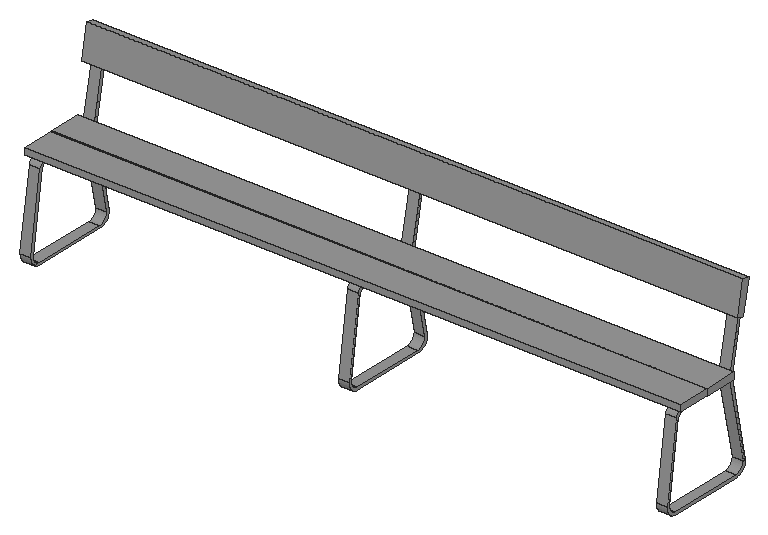
Revit family "Скамейка стальная «Колледж» Арт 9467", category Антураж, Revit 2018
Family settings
  На основе рабочей плоскости = Нет
  Всегда вертикально = Да
  При загрузке вырезать с полостями = Нет
  Источник визуального образа = Геометрия семейства
  Общий = Нет
  Точка расчета площади = Нет
Parameters (values of type "Версия 3,0 м (3 опоры)")
  Ширина = 445 mm  # constant formula
  Цвет опор = Сталь
  Цвет лавки = Дерево
  Средняя опора = not(or([Версия 1,2 м], [Версия 1,5 м], [Версия 1,8 м]))  # yes
  Описание = if([Версия 1,5 м], "Скамейка стальная «Колледж». Версия 1,5 м", if([Версия 1,8 м], "Скамейка стальная «Колледж». Версия 1,8 м", if([Версия 2,0 м (3 опоры)], "Скамейка стальная «Колледж». Версия 2,0 м (3 опоры)", if([Версия 2,5 м (3 опоры)], "Скамейка стальная «Колледж». Версия 2,5 м (3 опоры)", "Скамейка стальная «Колледж». Версия 3,0 м (3 опоры)"))))  # "Скамейка стальная «Колледж». Версия 3,0 м (3 опоры)"
  Материал изделия = "Сталь, дерево"  # constant formula
  Изображение типоразмера = Скамейка стальная «Колледж» Арт 9467.jpg
  Изготовитель = "ООО «Хоббика»"  # constant formula
  Длина = if([Версия 1,2 м], 1200 mm, if([Версия 1,5 м], 1500 mm, if([Версия 1,8 м], 1800 mm, if([Версия 2,0 м (3 опоры)], 2000 mm, if([Версия 2,5 м (3 опоры)], 2500 mm, 3000 mm)))))  # 3000 mm
  Группа модели = "Скамейки"  # constant formula
  Высота = 815 mm  # constant formula
  Версия 3,0 м (3 опоры) = not(or([Версия 1,2 м], [Версия 1,5 м], [Версия 1,8 м], [Версия 2,0 м (3 опоры)], [Версия 2,5 м (3 опоры)]))  # yes
  Версия 2,5 м (3 опоры) = no
  Версия 2,0 м (3 опоры) = no
  Версия 1,8 м = no
  Версия 1,5 м = no
  Версия 1,2 м = no
  Артикул товара = "Арт. 9467"  # constant formula
  URL = "https://hobbyka.ru/product/skameyka_ulichnaya_kolledzh/"
Types (7, lengths in mm): name | Средняя опора | Описание | Длина | Версия 3,0 м (3 опоры) | Версия 2,5 м (3 опоры) | Версия 2,0 м (3 опоры) | Версия 1,8 м | Версия 1,5 м | Версия 1,2 м
  (no name) | yes | "Скамейка стальная «Колледж». Версия 3,0 м (3 опоры)" | 3000 | yes | no | no | no | no | no
  Версия 1,2 м | no | "Скамейка стальная «Колледж». Версия 3,0 м (3 опоры)" | 1200 | no | no | no | no | no | yes
  Версия 1,5 м | no | "Скамейка стальная «Колледж». Версия 1,5 м" | 1500 | no | no | no | no | yes | no
  Версия 1,8 м | no | "Скамейка стальная «Колледж». Версия 1,8 м" | 1800 | no | no | no | yes | no | no
  Версия 2,0 м (3 опоры) | yes | "Скамейка стальная «Колледж». Версия 2,0 м (3 опоры)" | 2000 | no | no | yes | no | no | no
  Версия 2,5 м (3 опоры) | yes | "Скамейка стальная «Колледж». Версия 2,5 м (3 опоры)" | 2500 | no | yes | no | no | no | no
  Версия 3,0 м (3 опоры) | yes | "Скамейка стальная «Колледж». Версия 3,0 м (3 опоры)" | 3000 | yes | no | no | no | no | no
Reference planes
  plane 1 "По центру (Вперед/Назад)": y = 0
  plane 2: z = 0
  plane 3 "По центру (Влево/Вправо)": x = 0
  plane 4: x = 3000
  plane 5: x = 45
  plane 6: x = 2955
  plane 7: y = 445
  plane 8: z = 815
Forms (mm)
  Extrusion 1, solid, material "Дерево" <- "Цвет лавки"
    sketch origin (0, 0, 0) x (0, 1, 0) y (0, 0, 1)
      loop
        line (406.732, 662.038) -> (437.693, 808.808) -> (408.339, 815) -> (377.378, 668.23) -> (406.732, 662.038)
      loop
        line (356.73, 425) -> (356.73, 455) -> (206.73, 455) -> (206.73, 425) -> (356.73, 425)
      loop
        line (201.73, 425) -> (201.73, 455) -> (51.73, 455) -> (51.73, 425) -> (201.73, 425)
    from 0 to 3000
Dimensions and locks
  "Ширина": plane 7 to plane 1 "По центру (Вперед/Назад)"
  "Длина": plane 3 "По центру (Влево/Вправо)" to plane 4
  locked: plane 3 "По центру (Влево/Вправо)" to plane 5 at 45
  locked: plane 6 to plane 4 at 45
  equal spacing: plane 5, nested 2, plane 6
  "Высота": plane 8 to plane 2
  aligned and locked: level to plane 2
  aligned and locked: plane 5 to nested 1
  aligned and locked: plane 6 to nested 3
  aligned and locked: Extrusion 1 to plane 3 "По центру (Влево/Вправо)"
  aligned and locked: plane 4 to Extrusion 1
Automatic sketch dimensions
  Extrusion 1 sketch curve to plane 8 = 0 mm
  Extrusion 1 sketch curve to plane 1 "По центру (Вперед/Назад)" = 51.73 mm
  Extrusion 1 sketch curve to Extrusion 1 sketch curve = 150 mm
  Extrusion 1 sketch curve to Extrusion 1 sketch curve = 5 mm
  Extrusion 1 sketch curve to plane 7 = 88.27 mm
  Extrusion 1 sketch curve to plane 7 = 67.622 mm
  Extrusion 1 sketch curve to Extrusion 1 sketch curve = 29.354 mm
  Extrusion 1 sketch curve to plane 7 = 36.661 mm
  Extrusion 1 sketch curve to Extrusion 1 sketch curve = 6.192 mm
  Extrusion 1 sketch curve to Extrusion 1 sketch curve = 213.23 mm
  Extrusion 1 sketch curve to Extrusion 1 sketch curve = 0 mm
  Extrusion 1 sketch curve to Extrusion 1 sketch curve = 30 mm  (x2)
Nested families
  nested 1: "Скамейка стальная «Колледж» Арт 9467 опора" at (45, 0, 0), type "Скамейка стальная «Колледж» Арт 9467 опора"
  nested 2: "Скамейка стальная «Колледж» Арт 9467 опора" at (1500, 0, 0), visible <- "Средняя опора", type "Скамейка стальная «Колледж» Арт 9467 опора"
  nested 3: "Скамейка стальная «Колледж» Арт 9467 опора" at (2955, 0, 0), type "Скамейка стальная «Колледж» Арт 9467 опора"
Definition of nested family "Скамейка стальная «Колледж» Арт 9467 опора"
  Parameters (values of type "Скамейка стальная «Колледж» Арт 9467 опора")
    Цвет опоры = none
    Height = 0 mm
  Reference planes
    plane 1 "По центру (Вперед/Назад)": y = 0
    plane 2: z = 0
    plane 3 "По центру (Влево/Вправо)": x = 0
    plane 4: z = 815
    plane 5: y = 445
  Forms (mm)
    Extrusion 1, solid, material <- "Цвет опоры"
      sketch origin (0, 0, 0) x (0, 1, 0) y (0, 0, 1)
        loop
          line (445, 795) -> (435.215, 797.064) -> (356.73, 425) -> (95, 425)
          arc (95, 425) -> (68.394, 416.242) -> (52.192, 393.394) r 44.794
          line (52.192, 393.394) -> (0.495, 50)
          arc (0.495, 50) -> (15.14, 14.645) -> (50.495, 0) r 50
          line (50.495, 0) -> (394.558, 0)
          arc (394.558, 0) -> (429.914, 14.645) -> (444.558, 50) r 50
          line (444.558, 50) -> (366.95, 425) -> (445, 795)
        loop
          line (358.807, 415) -> (95, 415)
          arc (95, 415) -> (74.617, 408.404) -> (61.962, 391.118) r 34.794
          line (61.962, 391.118) -> (10.502, 49.293)
          arc (10.502, 49.293) -> (22.462, 21.467) -> (50.495, 10) r 40
          line (50.495, 10) -> (394.558, 10)
          arc (394.558, 10) -> (422.498, 21.376) -> (434.547, 49.033) r 40
          line (434.547, 49.033) -> (358.807, 415)
      from -25 to 25
  Dimensions and locks
    aligned and locked: level to plane 2
